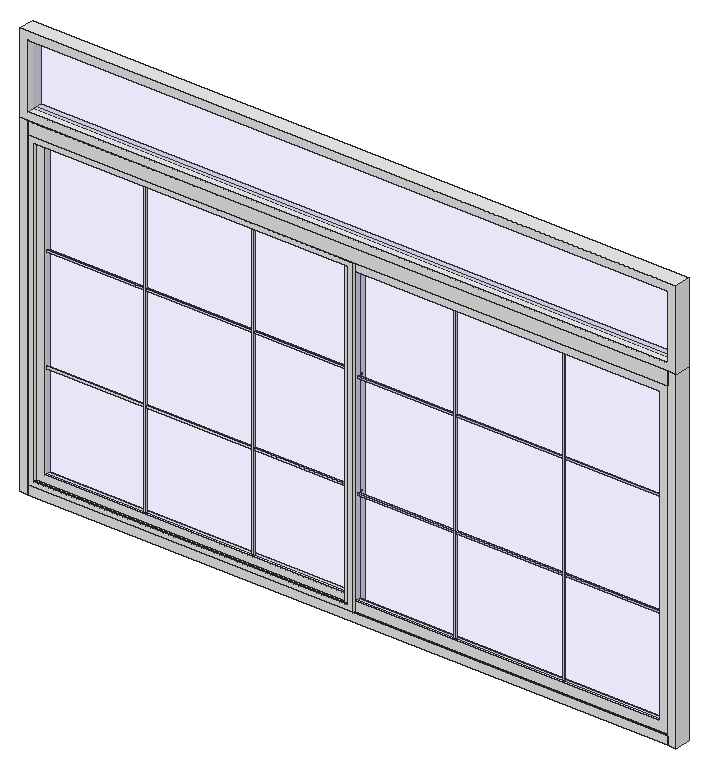
Revit family "Door_Curtain_Wall-Sliding_With_Transom-Traco-TR-8300", category Curtain Panels, Revit 2015
Parameters (values of type "TR-8300-W/Transom")
  Water Resistance = 12.0000 psf
  Uniform Load Structural = 75.0000 psf
  Uniform Load Deflection = 50.0000 psf
  Transom Panel Width [instance] = Door Width - 0' 3 1/2"  # 15' - 4 1/2"
  Transom Panel Height [instance] = Transom Height - 0' 1 3/8" + 0' 0 1/4"  # 1' - 10 7/8"
  Transom Height [instance] = 2' - 0"
  Sill Type = Door_Frame-Sliding-(TR-8300) : 12 PSF Sill
  Screen Type = Screen-Exterior-Traco-Half : Heavy Duty Screen
  Product data url = "https://bimobject.com/kawneerna/product/83005"
  Product Page URL = "http://www.alcoa.com/traco/en/product.asp?cat_id=1911&prod_id=4257"
  Product Documentation Link = "http://www.alcoa.com/traco/en/cad_spec.asp?cat_id=1911&prod_id=4257&area=prod"
  Panel Width [instance] = (Door Width / 2) - 0' 1"  # 7' - 9"
  Panel Material [instance] = Aluminum - Traco - Anodized - Gray
  Panel Height [instance] = Door Height - 0' 6 1/8"  # 7' - 5 7/8"
  Muntin Type = Muntin-Grid-Traco-Lites : Interior
  Has Screen [instance] = yes
  Has Muntins [instance] = yes
  Glass Material [instance] = Glass - Traco - Clear
  Frame Material [instance] = Aluminum - Traco - Anodized - Gray
  Door Width [instance] = if(CTRL Opening Width < Door Width Minimum, Door Width Minimum, if(CTRL Opening Width > Door Width Maximum, Door Width Maximum, CTRL Opening Width))  # 15' - 8"
  Door Height [instance] = if((CTRL Opening Height - Transom Height) < Door Height Minimum, Door Height Minimum, if((CTRL Opening Height - Transom Height) > Door Height Maximum, Door Height Maximum, (CTRL Opening Height - Transom Height)))  # 8' - 0"
  Copyright © = "2011 Traco"  # constant formula
  CTRL Opening Width [instance] = 15' - 8"
  URL = "http://www.alcoa.com/traco/en/home.asp"
  U Factor = ".43*"
  Type Comments = "2 Panel With Transom"
  Test Size = "187\" X 96\""
  Show Symbolic Arrow [instance] = yes
  Screen Offset = 0' - 3 15/16"  # constant formula
  Right Panel Inset = 0' - 1 9/16"  # constant formula
  Model = "TR-8300 With Transom"
  Manufacturer = "Traco"  # constant formula
  Left Panel Inset = 0' - 3 1/8"  # constant formula
  CTRL Opening Height [instance] = 10' - 0"
  Forced Entry Resistance = "TYPE B: GRADE 10"
  Door Width Minimum [instance] = 6' - 0"
  Door Width Maximum [instance] = 16' - 0"
  Door Height Minimum [instance] = 6' - 0"
  Door Height Maximum [instance] = 10' - 0"
  Designation = "AAMA/WDMA/CSA 101/I.S.2/A-440-05: HS-C50 And AAMA/WDMA/CSA 101/I.S.2/A-440-08"
  Description = "TR-8300 - Thermal Aluminum Heavy Commercial Sliding Glass Door"
  Condensation Resistance = ""
  CTRL Symbolic Arrow Placement Height [instance] = (Panel Height / 2) + 0' 1 1/2"  # 3' - 10 7/16"
  CTRL Symbolic Arrow Inset [instance] = (Panel Width / 2) - 0' 5 3/8"  # 3' - 5 1/8"
  Assembly Code = "B2020220"
  Allowable Air Infiltration Maximum = "0.3 @ 6.2 PSF"
Reference planes (in)
  plane 1 "Front": y = 0
  plane 2 "Bottom": z = 0
  plane 3 "Center (Left/Right)": x = 2.5
  plane 4 "Left": x = -91.5
  plane 5 "Right": x = 96.5
  plane 6 "Top": z = 120
  plane 7 "Right Panel Center F_B": y = 1.5625
  plane 8 "Bottom Inset": z = 2.375
  plane 9 "Frame Top": z = 96
  plane 10 "Screen Back": y = 0.6875
  plane 11 "Back": y = 4.625
  plane 12 "Left Panel Center F_B": y = 3.125
  plane 13 "Left Panel Right": x = 3.875
  plane 14 "Right Panel Left": x = 1.125
  plane 15 "Panel Top": z = 92.25
Text (in)
  text "Exterior" at (118.32953, -36.65616, 0), in view "Ref. Level"
  text "Exterior" at (480, 41.53993, 89.60405), in view "Right"
  text "Exterior" at (-240, 57.82419, 105.78864), in view "Left"
Dimensions and locks (in)
  equal spacing: plane 4 "Left", plane 3 "Center (Left/Right)", plane 5 "Right"
  "CTRL Opening Width": plane 4 "Left" to plane 5 "Right"
  "CTRL Opening Height": plane 6 "Top" to plane 2 "Bottom"
  locked: plane 1 "Front" to plane 11 "Back" at 4.625
  locked: plane 8 "Bottom Inset" to plane 2 "Bottom" at 2.375
  "Left Panel Inset": plane 1 "Front" to plane 12 "Left Panel Center F_B"
  locked: plane 3 "Center (Left/Right)" to plane 13 "Left Panel Right" at 1.375
  locked: plane 14 "Right Panel Left" to plane 3 "Center (Left/Right)" at 1.375
  "Right Panel Inset": plane 1 "Front" to plane 7 "Right Panel Center F_B"
  locked: plane 9 "Frame Top" to plane 15 "Panel Top" at 3.75
  "Panel Height": plane 15 "Panel Top" to plane 8 "Bottom Inset"
  "Screen Offset": plane 11 "Back" to plane 10 "Screen Back"
  aligned and locked: level to plane 2 "Bottom"
  aligned: nested 2 to nested 4
  aligned: nested 2 to nested 3  (x2)
  aligned: plane 8 "Bottom Inset" to nested 3
  aligned: plane 8 "Bottom Inset" to nested 5
  aligned: plane 8 "Bottom Inset" to nested 10
  aligned and locked: nested 2 to nested 12
  aligned and locked: nested 3 to plane 7 "Right Panel Center F_B"
  aligned and locked: plane 2 "Bottom" to nested 1
  aligned and locked: plane 3 "Center (Left/Right)" to nested 1
  aligned and locked: plane 3 "Center (Left/Right)" to nested 4
  aligned and locked: plane 9 "Frame Top" to nested 4
  aligned and locked: plane 8 "Bottom Inset" to nested 2
  aligned and locked: nested 2 to plane 13 "Left Panel Right"
  aligned and locked: nested 3 to plane 8 "Bottom Inset"
  aligned: plane 14 "Right Panel Left" to nested 3
  aligned and locked: plane 8 "Bottom Inset" to nested 5
  aligned and locked: plane 1 "Front" to nested 1
  aligned and locked: nested 3 to plane 13 "Left Panel Right"
  aligned and locked: plane 14 "Right Panel Left" to nested 3
  aligned and locked: plane 14 "Right Panel Left" to nested 5
  aligned and locked: plane 8 "Bottom Inset" to nested 10
  aligned and locked: plane 13 "Left Panel Right" to nested 10
  aligned and locked: nested 4 to plane 1 "Front"
  aligned and locked: nested 4 to plane 11 "Back"
  aligned and locked: nested 15 to plane 8 "Bottom Inset"
  aligned and locked: nested 15 to plane 13 "Left Panel Right"
  aligned and locked: plane 2 "Bottom" to nested 16
  aligned and locked: nested 16 to plane 4 "Left"
Nested families (in)
  nested 1: "Door_Frame-Sliding-(TR-8300)" at (2.5, 2.3125, 0), Door Width <- "Door Width", Door Height <- "Door Height", type <- "Sill Type", type "12 PSF Sill"
    with Door Width 15' - 8", Door Height 8' - 0", Bottom Frame Thickness 0' - 2 3/8", Top Frame Thickness 0' - 3 3/4"
  nested 2: "Door-Glass_Panel-Traco" at (-32.125, 4.1875, 2.375), Width <- "Panel Width", Height <- "Panel Height", Glass Material <- "Glass Material", Panel Material <- "Panel Material", type "Door-Glass_Panel-Traco"
    with built-in parameter 1001301 7' - 9", built-in parameter 1001302 0' - 1 3/4", Slide Indicator yes, Panel Offset 0' - 4 1/4", Panel Material Aluminum - Traco - Anodized - Gray, Panel Finish none, built-in parameter 1001300 7' - 5 7/8", Glazing "Low E-Argon", Glass Material Glass - Traco - Clear
  nested 3: "Door-Glass_Panel-Traco" at (37.125, 2.4375, 2.375) x (-1, 0, 0) z (0, 0, 1), Width <- "Panel Width", Height <- "Panel Height", Panel Material <- "Panel Material", Glass Material <- "Glass Material", type "Door-Glass_Panel-Traco"
    with built-in parameter 1001301 7' - 9", built-in parameter 1001302 0' - 1 3/4", Slide Indicator yes, Panel Offset 0' - 4 1/4", Panel Material Aluminum - Traco - Anodized - Gray, Panel Finish none, built-in parameter 1001300 7' - 5 7/8", Glazing "Low E-Argon", Glass Material Glass - Traco - Clear
  nested 4: "Door-Glass_Panel-Traco-Transom" at (2.5, 4.625, 96), Width <- "Door Width", Height <- "Transom Panel Height", Panel Material <- "Panel Material", Glass Material <- "Glass Material", type "T"
    with built-in parameter 1001301 15' - 8", built-in parameter 1001302 0' - 4 5/8", Panel Offset 0' - 4 1/4", Panel Material Aluminum - Traco - Anodized - Gray, Panel Finish none, built-in parameter 1001300 1' - 10 7/8", Glazing "Low E-Argon", Glass Material Glass - Traco - Clear
  nested 5: "Muntin-Grid-Traco-Lites" at (47.625, 1.5625, 47.3125) x (-1, 0, 0) z (0, -1, 0), type <- "Muntin Type", Sash Height <- "Panel Height", Length <- "Panel Width", visible <- "Has Muntins", type "Interior"
    with Sash Height 7' - 5 7/8", Material Aluminum - Traco - Anodized - Gray, Length 7' - 9", Glazing Thickness 0' - 0 7/8", CTRL Muntin Vertical Distance 2' - 5.95833", CTRL Muntin Horizontal Distance 2' - 7", CTRL Face Offset 0' - 0 1/4", CTRL Bar Vertical Visibility no, CTRL Bar Horizontal Visibility no, CTRL Array Vertical Visibility yes, CTRL Array Horizontal Visibility yes, Has Interior Muntins yes, Has Exterior Muntins no
  nested 6: "Muntin-Trapezoid-Traco-Single" at (32.125, 1.75, 47.3125) x (0, 0, -1) z (0, -1, 0), type "Standard Colonial"
    with Material Aluminum - Traco - Anodized - Gray, Length 7' - 5 7/8", Width Top 0' - 0 9/16", Width Base 0' - 0 9/16", Height 0' - 0 5/16"
  nested 7: "Muntin-Trapezoid-Traco-Single" at (47.625, 1.75, 62.29167) x (1, 0, 0) z (0, -1, 0), type "Standard Colonial"
    with Material Aluminum - Traco - Anodized - Gray, Length 7' - 9", Width Top 0' - 0 9/16", Width Base 0' - 0 9/16", Height 0' - 0 5/16"
  nested 8: "Muntin-Trapezoid-Traco-Single" at (63.125, 1.75, 47.3125) x (0, 0, -1) z (0, -1, 0), type "Standard Colonial"
    with Material Aluminum - Traco - Anodized - Gray, Length 7' - 5 7/8", Width Top 0' - 0 9/16", Width Base 0' - 0 9/16", Height 0' - 0 5/16"
  nested 9: "Muntin-Trapezoid-Traco-Single" at (47.625, 1.75, 32.33333) x (1, 0, 0) z (0, -1, 0), type "Standard Colonial"
    with Material Aluminum - Traco - Anodized - Gray, Length 7' - 9", Width Top 0' - 0 9/16", Width Base 0' - 0 9/16", Height 0' - 0 5/16"
  nested 10: "Muntin-Grid-Traco-Lites" at (-42.625, 3.125, 47.3125) x (-1, 0, 0) z (0, -1, 0), type <- "Muntin Type", Sash Height <- "Panel Height", Length <- "Panel Width", visible <- "Has Muntins", type "Interior"
    with Sash Height 7' - 5 7/8", Material Aluminum - Traco - Anodized - Gray, Length 7' - 9", Glazing Thickness 0' - 0 7/8", CTRL Muntin Vertical Distance 2' - 5.95833", CTRL Muntin Horizontal Distance 2' - 7", CTRL Face Offset 0' - 0 1/4", CTRL Bar Vertical Visibility no, CTRL Bar Horizontal Visibility no, CTRL Array Vertical Visibility yes, CTRL Array Horizontal Visibility yes, Has Interior Muntins yes, Has Exterior Muntins no
  nested 11: "Muntin-Trapezoid-Traco-Single" at (-58.125, 3.3125, 47.3125) x (0, 0, -1) z (0, -1, 0), type "Standard Colonial"
    with Material Aluminum - Traco - Anodized - Gray, Length 7' - 5 7/8", Width Top 0' - 0 9/16", Width Base 0' - 0 9/16", Height 0' - 0 5/16"
  nested 12: "Muntin-Trapezoid-Traco-Single" at (-42.625, 3.3125, 62.29167) x (1, 0, 0) z (0, -1, 0), type "Standard Colonial"
    with Material Aluminum - Traco - Anodized - Gray, Length 7' - 9", Width Top 0' - 0 9/16", Width Base 0' - 0 9/16", Height 0' - 0 5/16"
  nested 13: "Muntin-Trapezoid-Traco-Single" at (-27.125, 3.3125, 47.3125) x (0, 0, -1) z (0, -1, 0), type "Standard Colonial"
    with Material Aluminum - Traco - Anodized - Gray, Length 7' - 5 7/8", Width Top 0' - 0 9/16", Width Base 0' - 0 9/16", Height 0' - 0 5/16"
  nested 14: "Muntin-Trapezoid-Traco-Single" at (-42.625, 3.3125, 32.33333) x (1, 0, 0) z (0, -1, 0), type "Standard Colonial"
    with Material Aluminum - Traco - Anodized - Gray, Length 7' - 9", Width Top 0' - 0 9/16", Width Base 0' - 0 9/16", Height 0' - 0 5/16"
  nested 15: "Screen-Exterior-Traco-Half" at (-41.625, 0.6875, 47.3125) x (1, 0, 0) z (0, -1, 0), Width <- "Panel Width", Height <- "Panel Height", type <- "Screen Type", visible <- "Has Screen", type "Heavy Duty Screen"
    with Width 7' - 9", Screen Offset 0' - 0", Height 7' - 5 7/8", CTRL Width 7' - 9", CTRL Height 7' - 5 7/8", Frame Thickness 0' - 0 11/16"
  nested 16: "Symbolic_Opening_Arrow-Traco" at (-72.5, 0, 42) x (1, 0, 0) z (0, -1, 0), visible <- "Show Symbolic Arrow", Placement Height <- "CTRL Symbolic Arrow Placement Height", Inset <- "CTRL Symbolic Arrow Inset", type "Typical"
    with Placement Height 3' - 10 7/16", Inset 3' - 5 1/8"
Definition of nested family "Door_Frame-Sliding-(TR-8300)"
  Parameters
    Top Frame Thickness = 0' - 4 3/8"
    Frame Thickness = 0' - 2 3/8"
    Frame Material = none
    Frame Depth = 0' - 4 5/8"
    Door Width [instance] = 6' - 0"
    Door Height [instance] = 7' - 0"
    Bottom Frame Thickness [instance] = 0' - 1 1/2"
    Assembly Code = ""
  Reference planes (in)
    plane 1 "Center (Front/Back)": y = 0
    plane 2 "Bottom": z = 0
    plane 3 "Center (Left/Right)": x = 0
    plane 4 "Interior": y = 2.3125
    plane 5 "Exterior": y = -2.3125
    plane 6 "Left": x = -36
    plane 7 "Right": x = 36
    plane 8 "Top of Frame": z = 84
    plane 9 "Inside Frame Left Side": x = -33.625
    plane 10 "Inside Frame Right Side": x = 33.625
    plane 11 "Top Inset": z = 79.625
    plane 12 "Bottom Inset": z = 1.5
  Forms (in)
    Extrusion 1, solid, material <- "Frame Material"
      sketch origin (0, 0, 0) x (1, 0, 0) y (0, 0, 1)
        loop
          line (-36, 84) -> (-36, 0) -> (-33.625, 0) -> (-33.625, 84) -> (-36, 84)
        loop
          line (33.625, 84) -> (33.625, 0) -> (36, 0) -> (36, 84) -> (33.625, 84)
      from -2.3125 to 2.3125
    Extrusion 2, solid, material <- "Frame Material"
      sketch origin (0, 0, 0) x (1, 0, 0) y (0, 0, 1)
        loop
          line (-33.625, 84) -> (-33.625, 79.625) -> (33.625, 79.625) -> (33.625, 84) -> (-33.625, 84)
        loop
          line (-33.625, 1.5) -> (-33.625, 0) -> (33.625, 0) -> (33.625, 1.5) -> (-33.625, 1.5)
      from -2.3125 to 2.3125
  Lines and regions (in)
    Masking region 1
      outline origin (0, 0, 84) x (-1, 0, 0) y (0, -1, 0)
        loop
          line (36, 2.3125) -> (-36, 2.3125) -> (-36, -2.3125) -> (36, -2.3125) -> (36, 2.3125)
    Masking region 2
      outline origin (0, 0, 0) x (0, 1, 0) y (0, 0, 1)
        loop
          line (-2.3125, 0) -> (2.3125, 0) -> (2.3125, 84) -> (-2.3125, 84) -> (-2.3125, 0)
    Masking region 3
      outline origin (0, 0, 0) x (1, 0, 0) y (0, 0, 1)
        loop
          line (-36, 0) -> (36, 0) -> (36, 84) -> (-36, 84) -> (-36, 0)
        loop
          line (-33.625, 1.5) -> (33.625, 1.5) -> (33.625, 79.625) -> (-33.625, 79.625) -> (-33.625, 1.5)
    symbolic lines, detail levels medium+fine
      curve 1: line (-33.625, -2.3125, 84) -> (-33.625, 2.3125, 84)
      curve 2: line (33.625, -2.3125, 84) -> (33.625, 2.3125, 84)
      curve 3: line (-33.625, 0, 0) -> (-33.625, 0, 1.5)
      curve 4: line (33.625, 0, 0) -> (33.625, 0, 1.5)
      curve 5: line (-33.625, 0, 79.625) -> (-33.625, 0, 84)
      curve 6: line (33.625, 0, 79.625) -> (33.625, 0, 84)
  Dimensions and locks (in)
    equal spacing: plane 4 "Interior", plane 1 "Center (Front/Back)", plane 5 "Exterior"
    "Frame Depth": plane 4 "Interior" to plane 5 "Exterior"
    "Door Height": plane 8 "Top of Frame" to plane 2 "Bottom"
    equal spacing: plane 6 "Left", plane 3 "Center (Left/Right)", plane 7 "Right"
    "Top Frame Thickness": plane 8 "Top of Frame" to plane 11 "Top Inset"
    "Frame Thickness": plane 7 "Right" to plane 10 "Inside Frame Right Side"
    "Frame Thickness": plane 6 "Left" to plane 9 "Inside Frame Left Side"
    "Bottom Frame Thickness": plane 12 "Bottom Inset" to plane 2 "Bottom"
    "Door Width": plane 6 "Left" to plane 7 "Right"
    aligned and locked: level to plane 2 "Bottom"
    aligned and locked: Extrusion 1 sketch curve to plane 6 "Left"
    aligned and locked: level to Extrusion 1 sketch curve
    aligned and locked: plane 9 "Inside Frame Left Side" to Extrusion 1 sketch curve
    aligned and locked: Extrusion 1 sketch curve to plane 10 "Inside Frame Right Side"
    aligned and locked: Extrusion 1 sketch curve to plane 7 "Right"
    aligned and locked: plane 4 "Interior" to Extrusion 1
    aligned and locked: plane 5 "Exterior" to Extrusion 1
    aligned and locked: plane 2 "Bottom" to Extrusion 1 sketch curve
    aligned and locked: Extrusion 1 to Extrusion 2 sketch curve  (x2)
    aligned and locked: plane 11 "Top Inset" to Extrusion 2 sketch curve
    aligned and locked: plane 10 "Inside Frame Right Side" to Extrusion 2 sketch curve
    aligned and locked: Extrusion 2 sketch curve to plane 12 "Bottom Inset"
    aligned and locked: Extrusion 2 sketch curve to plane 9 "Inside Frame Left Side"
    aligned and locked: Extrusion 2 sketch curve to Extrusion 1
    aligned and locked: plane 4 "Interior" to Extrusion 2
    aligned and locked: plane 5 "Exterior" to Extrusion 2
    aligned and locked: Extrusion 2 sketch curve to plane 8 "Top of Frame"
    aligned and locked: Extrusion 1 sketch curve to plane 8 "Top of Frame"  (x2)
    aligned and locked: plane 6 "Left" to Masking region 1 sketch curve
    aligned and locked: plane 5 "Exterior" to Masking region 1 sketch curve
    aligned and locked: plane 4 "Interior" to Masking region 1 sketch curve
    aligned and locked: plane 7 "Right" to Masking region 1 sketch curve
    aligned and locked: curve 1 to plane 9 "Inside Frame Left Side"
    aligned and locked: curve 2 to plane 10 "Inside Frame Right Side"
    aligned and locked: plane 5 "Exterior" to Masking region 2 sketch curve
    aligned and locked: plane 8 "Top of Frame" to Masking region 2 sketch curve
    aligned and locked: plane 4 "Interior" to Masking region 2 sketch curve
    aligned and locked: Masking region 2 sketch curve to plane 2 "Bottom"
    aligned and locked: plane 6 "Left" to Masking region 3 sketch curve
    aligned and locked: Masking region 3 sketch curve to plane 2 "Bottom"
    aligned and locked: plane 7 "Right" to Masking region 3 sketch curve
    aligned and locked: plane 8 "Top of Frame" to Masking region 3 sketch curve
    aligned and locked: plane 11 "Top Inset" to Masking region 3 sketch curve
    aligned and locked: plane 9 "Inside Frame Left Side" to Masking region 3 sketch curve
    aligned and locked: Masking region 3 sketch curve to plane 12 "Bottom Inset"
    aligned and locked: Masking region 3 sketch curve to plane 10 "Inside Frame Right Side"
    aligned and locked: curve 5 to plane 9 "Inside Frame Left Side"
    aligned and locked: curve 6 to plane 10 "Inside Frame Right Side"
    aligned and locked: curve 3 to plane 9 "Inside Frame Left Side"
    aligned and locked: curve 4 to plane 10 "Inside Frame Right Side"
  Automatic sketch dimensions
    curve 5 to plane 8 "Top of Frame" = 0' - 0"
    curve 4 to level = 0' - 0"
    curve 3 to level = 0' - 0"
    curve 4 to plane 12 "Bottom Inset" = 0' - 0"
    curve 3 to plane 12 "Bottom Inset" = 0' - 0"
    curve 6 to plane 11 "Top Inset" = 0' - 0"
    curve 5 to plane 11 "Top Inset" = 0' - 0"
    curve 6 to plane 8 "Top of Frame" = 0' - 0"
    curve 1 to plane 4 "Interior" = 0' - 0"
    curve 2 to plane 4 "Interior" = 0' - 0"
    plane 5 "Exterior" to curve 2 = 0' - 0"
    plane 5 "Exterior" to curve 1 = 0' - 0"
Definition of nested family "Door-Glass_Panel-Traco"
  Parameters
    Width [instance] = 3' - 0"
    Visible Light Transmission = 0
    URL = "www.integratedcontentsolutions.com"
    U Value = 0
    Type Comments = "Panel theory and model developed by Integrated Content Solutions"  # constant formula
    Thickness [instance] = 0' - 1 1/2"
    Stile Right = 0' - 2 3/4"
    Stile Left = 0' - 2 3/4"
    Solar Heat Gain Coefficient = 0
    Slide Indicator [instance] = yes
    Rail Head = 0' - 2 9/16"
    Rail Bottom = 0' - 2 9/16"
    R Value = 0
    Product Documentation Link = "www.integratedcontentsolutions.com"
    Panel Offset [instance] = 0' - 4 1/4"
    Panel Material [instance] = none
    Panel Finish [instance] = none
    Manufacturer = "Integrated Content Solutions"  # constant formula
    LEED Credit = ""
    Height [instance] = 7' - 0"
    Glazing [instance] = "Low E-Argon"
    Glass Material [instance] = none
    Function = 1
    Energy Star Zone = ""
    Copyright © = "Integrated Content Solutions © 2009"  # constant formula
    Assembly Code = "C1020110"
    Appear In Schedule = 0 = 1  # no
    Air Leakage = 0
  Reference planes (in)
    plane 1 "Exterior": y = 0
    plane 2 "Bottom": z = 0
    plane 3 "Left": x = 0
    plane 4 "Interior": y = -1.5
    plane 5 "Right": x = 36
    plane 6 "Top": z = 84
    plane 7 "Panel Center of Thickness": y = -0.75
    plane 8 "Glass Interior": y = -1.1875
    plane 9 "Glass Exterior": y = -0.3125
    plane 10 "Left Inset": x = 2.75
    plane 11 "Right Inset": x = 33.25
    plane 12 "Top Inset": z = 81.4375
    plane 13 "Bottom Inset": z = 2.5625
    plane 14 "Center L_R": x = 18
  Forms (in)
    Extrusion 1, solid, material <- "Panel Material"
      sketch origin (0, 0, 0) x (1, 0, 0) y (0, 0, 1)
        loop
          line (0, 84) -> (0, 0) -> (36, 0) -> (36, 84) -> (0, 84)
        loop
          line (2.75, 81.4375) -> (2.75, 2.5625) -> (33.25, 2.5625) -> (33.25, 81.4375) -> (2.75, 81.4375)
      from 0 to 1.5
    Extrusion 2, solid, material <- "Glass Material"
      sketch origin (0, -1.5, 0) x (1, 0, 0) y (0, 0, 1)
        loop
          line (2.75, 81.4375) -> (2.75, 2.5625) -> (33.25, 2.5625) -> (33.25, 81.4375) -> (2.75, 81.4375)
      from -1.1875 to -0.3125
  Lines and regions (in)
    Masking region 1
      outline origin (0, 0, 84) x (-1, 0, 0) y (0, -1, 0)
        loop
          line (0, 1.5) -> (-36, 1.5) -> (-36, 0) -> (0, 0) -> (0, 1.5)
    Masking region 2
      outline origin (0, -0.75, 0) x (-1, 0, 0) y (0, 0, 1)
        loop
          line (0, 0) -> (0, 84) -> (-36, 84) -> (-36, 0) -> (0, 0)
        loop
          line (-2.75, 2.5625) -> (-2.75, 81.4375) -> (-33.25, 81.4375) -> (-33.25, 2.5625) -> (-2.75, 2.5625)
    Masking region 3
      outline origin (18, 0, 0) x (0, 1, 0) y (0, 0, 1)
        loop
          line (-1.5, 0) -> (0, 0) -> (0, 84) -> (-1.5, 84) -> (-1.5, 0)
  Dimensions and locks (in)
    "Width": plane 3 "Left" to plane 5 "Right"
    "Thickness": plane 4 "Interior" to plane 1 "Exterior"
    "Height": plane 6 "Top" to plane 2 "Bottom"
    equal spacing: plane 4 "Interior", plane 7 "Panel Center of Thickness", plane 1 "Exterior"
    "Stile Left": plane 10 "Left Inset" to plane 3 "Left"
    "Stile Right": plane 5 "Right" to plane 11 "Right Inset"
    "Rail Bottom": plane 13 "Bottom Inset" to plane 2 "Bottom"
    "Rail Head": plane 6 "Top" to plane 12 "Top Inset"
    locked: plane 9 "Glass Exterior" to plane 8 "Glass Interior" at 0.875
    equal spacing: plane 3 "Left", plane 14 "Center L_R", plane 5 "Right"
    aligned and locked: plane 3 "Left" to Extrusion 1 sketch curve
    aligned and locked: Extrusion 1 sketch curve to plane 6 "Top"
    aligned and locked: level to Extrusion 1 sketch curve
    aligned and locked: Extrusion 1 sketch curve to plane 5 "Right"
    aligned and locked: Extrusion 1 to plane 1 "Exterior"
    aligned and locked: plane 4 "Interior" to Extrusion 1
    aligned and locked: level to plane 2 "Bottom"
    aligned and locked: plane 10 "Left Inset" to Extrusion 1 sketch curve
    aligned and locked: Extrusion 1 sketch curve to plane 12 "Top Inset"
    aligned and locked: plane 13 "Bottom Inset" to Extrusion 1 sketch curve
    aligned and locked: Extrusion 1 sketch curve to plane 11 "Right Inset"
    aligned and locked: plane 10 "Left Inset" to Extrusion 2 sketch curve
    aligned and locked: Extrusion 2 sketch curve to plane 12 "Top Inset"
    aligned and locked: plane 13 "Bottom Inset" to Extrusion 2 sketch curve
    aligned and locked: Extrusion 2 sketch curve to plane 11 "Right Inset"
    aligned and locked: plane 9 "Glass Exterior" to Extrusion 2
    aligned and locked: Extrusion 2 to plane 8 "Glass Interior"
    aligned and locked: Masking region 1 sketch curve to plane 1 "Exterior"
    aligned and locked: plane 5 "Right" to Masking region 1 sketch curve
    aligned and locked: plane 4 "Interior" to Masking region 1 sketch curve
    aligned and locked: Masking region 1 sketch curve to plane 3 "Left"
    aligned and locked: plane 6 "Top" to Masking region 2 sketch curve
    aligned and locked: Masking region 2 sketch curve to plane 3 "Left"
    aligned and locked: plane 5 "Right" to Masking region 2 sketch curve
    aligned and locked: Masking region 2 sketch curve to plane 2 "Bottom"
    aligned and locked: plane 12 "Top Inset" to Masking region 2 sketch curve
    aligned and locked: Masking region 2 sketch curve to plane 10 "Left Inset"
    aligned and locked: plane 11 "Right Inset" to Masking region 2 sketch curve
    aligned and locked: Masking region 2 sketch curve to plane 13 "Bottom Inset"
    aligned and locked: plane 6 "Top" to Masking region 3 sketch curve
    aligned and locked: plane 4 "Interior" to Masking region 3 sketch curve
    aligned and locked: Masking region 3 sketch curve to plane 1 "Exterior"
    aligned and locked: plane 2 "Bottom" to Masking region 3 sketch curve
Definition of nested family "Door-Glass_Panel-Traco-Transom"
  Parameters
    Width [instance] = 6' - 0"
    Visible Light Transmission = 0
    URL = "www.integratedcontentsolutions.com"
    U Value = 0
    Type Comments = "Panel theory and model developed by Integrated Content Solutions"  # constant formula
    Thickness [instance] = 0' - 3 5/8"
    Solar Heat Gain Coefficient = 0
    R Value = 0
    Product Documentation Link = "www.integratedcontentsolutions.com"
    Panel Offset [instance] = 0' - 4 1/4"
    Panel Material [instance] = none
    Panel Finish [instance] = none
    Manufacturer = "Integrated Content Solutions"  # constant formula
    LEED Credit = ""
    Height [instance] = 2' - 0"
    Glazing [instance] = "Low E-Argon"
    Glass Material [instance] = none
    Function = 1
    Energy Star Zone = ""
    Copyright © = "Integrated Content Solutions © 2009"  # constant formula
    Assembly Code = "C1020110"
    Appear In Schedule = 0 = 1  # no
    Air Leakage = 0
  Reference planes (in)
    plane 1 "Exterior": y = 0
    plane 2 "Bottom": z = 0
    plane 3 "Left": x = -36
    plane 4 "Interior": y = -3.625
    plane 5 "Right": x = 36
    plane 6 "Top": z = 24
    plane 7 "Panel Center of Thickness": y = -1.8125
    plane 8 "Glass Interior": y = -2.3125
    plane 9 "Glass Exterior": y = -1.3125
    plane 10 "Center L_R": x = 0
    plane 11 "Left Inset": x = -33.75
    plane 12 "Right Inset": x = 33.75
    plane 13 "Bottom Inset": z = 2.25
    plane 14 "Top Inset": z = 21.75
  Forms (in)
    Extrusion 1, solid, material <- "Panel Material"
      sketch origin (0, 0, 0) x (1, 0, 0) y (0, 0, 1)
        loop
          line (-36, 24) -> (-36, 0) -> (36, 0) -> (36, 24) -> (-36, 24)
        loop
          line (-33.75, 21.75) -> (-33.75, 2.25) -> (33.75, 2.25) -> (33.75, 21.75) -> (-33.75, 21.75)
      from 0 to 3.625
    Extrusion 2, solid, material <- "Glass Material"
      sketch origin (0, -3.625, 0) x (1, 0, 0) y (0, 0, 1)
        loop
          line (-33.75, 21.75) -> (-33.75, 2.25) -> (33.75, 2.25) -> (33.75, 21.75) -> (-33.75, 21.75)
      from -2.3125 to -1.3125
  Lines and regions (in)
    Masking region 1
      outline origin (0, 0, 24) x (-1, 0, 0) y (0, -1, 0)
        loop
          line (36, 3.625) -> (-36, 3.625) -> (-36, 0) -> (36, 0) -> (36, 3.625)
    Masking region 2
      outline origin (0, 0, 0) x (0, 0, 1) y (0, -1, 0)
        loop
          line (0, 3.625) -> (0, 0) -> (24, 0) -> (24, 3.625) -> (0, 3.625)
    Masking region 3
      outline origin (0, -1.8125, 0) x (-1, 0, 0) y (0, 0, 1)
        loop
          line (36, 0) -> (36, 24) -> (-36, 24) -> (-36, 0) -> (36, 0)
        loop
          line (33.75, 2.25) -> (33.75, 21.75) -> (-33.75, 21.75) -> (-33.75, 2.25) -> (33.75, 2.25)
    symbolic lines, detail levels medium+fine
      curve 1: line (-33.75, -3.625, 0) -> (-33.75, 0, 0)
      curve 2: line (33.75, -3.625, 0) -> (33.75, 0, 0)
  Dimensions and locks (in)
    "Width": plane 3 "Left" to plane 5 "Right"
    "Thickness": plane 4 "Interior" to plane 1 "Exterior"
    "Height": plane 6 "Top" to plane 2 "Bottom"
    "Width": plane 3 "Left" to Extrusion 1
    equal spacing: plane 5 "Right", plane 10 "Center L_R", plane 3 "Left"
    locked: Extrusion 1 sketch curve to Extrusion 1 sketch curve at 2.25  (x3)
    equal spacing: plane 9 "Glass Exterior", plane 7 "Panel Center of Thickness", plane 8 "Glass Interior"
    locked: plane 9 "Glass Exterior" to plane 8 "Glass Interior" at 1
    equal spacing: plane 4 "Interior", plane 7 "Panel Center of Thickness", plane 1 "Exterior"
    locked: plane 3 "Left" to plane 11 "Left Inset" at 2.25
    locked: plane 12 "Right Inset" to plane 5 "Right" at 2.25
    locked: plane 6 "Top" to plane 14 "Top Inset" at 2.25
    locked: plane 13 "Bottom Inset" to plane 2 "Bottom" at 2.25
    aligned and locked: plane 3 "Left" to Extrusion 1 sketch curve
    aligned: Extrusion 1 to plane 1 "Exterior"
    aligned: plane 4 "Interior" to Extrusion 1
    aligned and locked: level to plane 2 "Bottom"
    aligned and locked: plane 9 "Glass Exterior" to Extrusion 2
    aligned and locked: Extrusion 2 to plane 8 "Glass Interior"
    aligned: plane 6 "Top" to Extrusion 2
    aligned and locked: plane 4 "Interior" to Extrusion 1
    aligned and locked: Extrusion 1 to plane 1 "Exterior"
    aligned and locked: Masking region 1 sketch curve to plane 3 "Left"
    aligned and locked: plane 5 "Right" to Masking region 1 sketch curve
    aligned and locked: plane 4 "Interior" to Masking region 1 sketch curve
    aligned and locked: Masking region 1 sketch curve to plane 1 "Exterior"
    aligned and locked: plane 6 "Top" to Masking region 2 sketch curve
    aligned and locked: Masking region 2 sketch curve to plane 1 "Exterior"
    aligned and locked: plane 4 "Interior" to Masking region 2 sketch curve
    aligned and locked: Masking region 2 sketch curve to plane 2 "Bottom"
    aligned and locked: plane 6 "Top" to Masking region 3 sketch curve
    aligned and locked: plane 5 "Right" to Masking region 3 sketch curve
    aligned and locked: Masking region 3 sketch curve to plane 2 "Bottom"
    aligned and locked: Masking region 3 sketch curve to plane 3 "Left"
    aligned and locked: Masking region 3 sketch curve to plane 14 "Top Inset"
    aligned and locked: plane 12 "Right Inset" to Masking region 3 sketch curve
    aligned and locked: plane 13 "Bottom Inset" to Masking region 3 sketch curve
    aligned and locked: Masking region 3 sketch curve to plane 11 "Left Inset"
  Automatic sketch dimensions
    Extrusion 1 sketch curve to plane 5 "Right" = 0' - 0"
    Extrusion 1 sketch curve to level = 0' - 0"
    Extrusion 1 sketch curve to plane 6 "Top" = 0' - 0"
    plane 3 "Left" to Extrusion 2 sketch curve = 0' - 2 1/4"
    Extrusion 2 sketch curve to plane 5 "Right" = 0' - 2 1/4"
    level to Extrusion 2 sketch curve = 0' - 2 1/4"
    Extrusion 2 sketch curve to plane 6 "Top" = 0' - 2 1/4"
    Extrusion 1 sketch curve to plane 6 "Top" = 0' - 2 1/4"
    plane 1 "Exterior" to curve 1 = 0' - 0"
    plane 4 "Interior" to curve 1 = 0' - 0"
    plane 1 "Exterior" to curve 2 = 0' - 0"
    plane 4 "Interior" to curve 2 = 0' - 0"
    plane 3 "Left" to curve 1 = 0' - 2 1/4"
    curve 2 to plane 5 "Right" = 0' - 2 1/4"
Definition of nested family "Muntin-Trapezoid-Traco-Single"
  Parameters
    Width Top = 0' - 0 7/16"
    Width Base = 0' - 1"
    URL = "http://www.alcoa.com/traco/en/home.asp"
    Product Page URL = "http://www.alcoa.com/traco/en/product.asp?prod_id=4228"
    Product Documentation Link = "http://www.alcoa.com/traco/en/cad_spec.asp?prod_id=4228&area=prod"
    Material [instance] = none
    Manufacturer = "Traco"  # constant formula
    Length [instance] = 1' - 0"
    Height = 0' - 0 5/8"
    Description = "Trapezoidal Profile"
    Copyright © = "2011 Traco"  # constant formula
  Reference planes (in)
    plane 1 "Center (Front/Back)": y = 0
    plane 2 "Original Bottom": z = 0
    plane 3 "Center (Left/Right)": x = 0
    plane 4 "Left": x = -6
    plane 5 "Right": x = 6
    plane 6 "Back": y = 0.5
    plane 7 "Front": y = -0.5
    plane 8 "Back Inset": y = 0.21875
    plane 9 "Front Inset": y = -0.21875
    plane 10 "Top": z = 0.625
    plane 11 "Bottom": z = 0
  Forms (in)
    Sweep 1, solid, material <- "Material", detail levels medium+fine
      path origin (0, 0, 0) x (0, -1, 0) y (1, 0, 0)
        loop
          line (0, 6) -> (0, -6)
      profile origin (0, 0, 0) x (0, -1, 0) y (0, 0, 1)
        loop
          line (0.5, 0) -> (0.21875, 0.625) -> (-0.21875, 0.625) -> (-0.5, 0) -> (0.5, 0)
  Lines and regions (in)
    Masking region 1, detail levels medium+fine
      outline origin (0, 0, 0) x (0, 1, 0) y (0, 0, 1)
        loop
          line (0.5, 0) -> (0.21875, 0.625) -> (-0.21875, 0.625) -> (-0.5, 0) -> (0.5, 0)
    Masking region 2, detail levels medium+fine
      outline origin (0, 0, 0) x (1, 0, 0) y (0, 1, 0)
        loop
          line (6, -0.5) -> (6, 0.5) -> (-6, 0.5) -> (-6, -0.5) -> (6, -0.5)
    Masking region 3, detail levels medium+fine
      outline origin (0, 0, 0) x (1, 0, 0) y (0, 0, 1)
        loop
          line (6, 0) -> (6, 0.625) -> (-6, 0.625) -> (-6, 0) -> (6, 0)
    symbolic lines, detail levels coarse
      curve 1: line (0, 0, 0) -> (0, 0, 0.625)
      curve 2: line (-6, 0, 0) -> (6, 0, 0)
      curve 3: line (-6, 0, 0) -> (-6, 0, 0.625)
      curve 4: line (-6, 0, 0.625) -> (6, 0, 0.625)
      curve 5: line (6, 0, 0.625) -> (6, 0, 0)
    model lines, detail levels coarse
      curve 6: line (-6, 0, 0) -> (6, 0, 0)
  Dimensions and locks (in)
    equal spacing: plane 4 "Left", plane 3 "Center (Left/Right)", plane 5 "Right"
    "Length": plane 4 "Left" to plane 5 "Right"
    equal spacing: plane 6 "Back", plane 1 "Center (Front/Back)", plane 7 "Front"
    "Width Base": plane 7 "Front" to plane 6 "Back"
    equal spacing: plane 8 "Back Inset", plane 1 "Center (Front/Back)", plane 9 "Front Inset"
    "Width Top": plane 9 "Front Inset" to plane 8 "Back Inset"
    locked: plane 11 "Bottom" to plane 2 "Original Bottom" at 0
    "Height": plane 10 "Top" to plane 11 "Bottom"
    aligned and locked: plane 2 "Original Bottom" to level
    aligned and locked: plane 4 "Left" to Sweep 1 sketch curve
    aligned and locked: Sweep 1 sketch curve to plane 1 "Center (Front/Back)"
    aligned and locked: plane 5 "Right" to Sweep 1 sketch curve
    aligned and locked: plane 7 "Front" to Sweep 1 sketch curve
    aligned and locked: plane 11 "Bottom" to Sweep 1 sketch curve  (x2)
    aligned and locked: plane 6 "Back" to Sweep 1 sketch curve
    aligned and locked: plane 10 "Top" to Sweep 1 sketch curve
    aligned and locked: plane 8 "Back Inset" to Sweep 1 sketch curve
    aligned and locked: plane 9 "Front Inset" to Sweep 1 sketch curve
    aligned and locked: Sweep 1 sketch curve to plane 10 "Top"
    aligned and locked: Masking region 1 sketch curve to plane 11 "Bottom"
    aligned and locked: plane 10 "Top" to Masking region 1 sketch curve
    aligned and locked: plane 8 "Back Inset" to Masking region 1 sketch curve
    aligned and locked: plane 9 "Front Inset" to Masking region 1 sketch curve
    aligned and locked: plane 7 "Front" to Masking region 1 sketch curve
    aligned and locked: plane 6 "Back" to Masking region 1 sketch curve
    aligned and locked: curve 1 to plane 1 "Center (Front/Back)"
    aligned and locked: plane 11 "Bottom" to curve 1
    aligned and locked: plane 10 "Top" to curve 1
    aligned and locked: plane 4 "Left" to curve 2
    aligned and locked: plane 5 "Right" to curve 2
    aligned and locked: plane 1 "Center (Front/Back)" to curve 2
    aligned and locked: Masking region 2 sketch curve to plane 4 "Left"
    aligned and locked: Masking region 2 sketch curve to plane 5 "Right"
    aligned and locked: Masking region 2 sketch curve to plane 6 "Back"
    aligned and locked: Masking region 2 sketch curve to plane 7 "Front"
    aligned and locked: Masking region 3 sketch curve to plane 4 "Left"
    aligned and locked: Masking region 3 sketch curve to plane 5 "Right"
    aligned and locked: plane 11 "Bottom" to Masking region 3 sketch curve
    aligned and locked: Masking region 3 sketch curve to plane 10 "Top"
    aligned and locked: plane 11 "Bottom" to curve 3
    aligned and locked: plane 11 "Bottom" to curve 5
    aligned and locked: curve 5 to plane 5 "Right"
    aligned and locked: curve 3 to plane 4 "Left"
    aligned and locked: curve 4 to plane 10 "Top"
    aligned and locked: plane 5 "Right" to curve 6
    aligned and locked: plane 4 "Left" to curve 6
    aligned and locked: plane 1 "Center (Front/Back)" to curve 6
Definition of nested family "Screen-Exterior-Traco-Half"
  Parameters
    Width [instance] = 4' - 0"
    URL = "http://www.alcoa.com/traco/en/home.asp"
    Screen Offset [instance] = 0' - 1 1/2"
    Screen Material = none
    Product Page URL = ""
    Product Documentation Link = ""
    Model = ""
    Frame Material = none
    Manufacturer = "Traco"  # constant formula
    Height [instance] = 7' - 0"
    Frame Width = 0' - 1 1/2"
    Frame Thickness = 0' - 0 3/8"
    Default Elevation = 4' - 0"
    Copyright © = "2011 Traco"  # constant formula
    CTRL Width [instance] = Width  # 4' - 0"
    CTRL Height [instance] = Height  # 7' - 0"
    Assembly Code = "B2010300"
  Reference planes (in)
    plane 1 "Center (Front/Back)": y = 0
    plane 2 "Original Ref": z = 0
    plane 3 "Center (Left/Right)": x = -1
    plane 4 "Bottom": z = 1.5
    plane 5 "Front": y = -42
    plane 6 "Back": y = 42
    plane 7 "Left": x = -25
    plane 8 "Right": x = 23
    plane 9 "Back Inset": y = 40.5
    plane 10 "Left Inset": x = -23.5
    plane 11 "Right Inset": x = 21.5
    plane 12 "Top": z = 1.875
    plane 13 "Front Inset": y = -40.5
    plane 14 "Screen Bottom": z = 1.635
  Forms (in)
    Extrusion 1, solid
      sketch origin (0, 0, 0) x (1, 0, 0) y (0, 1, 0)
        loop
          line (-48, 48) -> (-48, -48) -> (48, -48) -> (48, 48) -> (-48, 48)
      from 0 to -12
    Extrusion 2, solid, material <- "Frame Material", detail levels medium+fine
      sketch origin (0, 0, 0) x (1, 0, 0) y (0, 1, 0)
        loop
          line (-25, 42) -> (-25, -42) -> (23, -42) -> (23, 42) -> (-25, 42)
        loop
          line (21.5, -40.5) -> (21.5, 40.5) -> (-23.5, 40.5) -> (-23.5, -40.5) -> (21.5, -40.5)
      from 1.5 to 1.875
    Extrusion 3, solid, material <- "Screen Material", detail levels medium+fine
      sketch origin (0, 0, 1.875) x (-1, 0, 0) y (0, -1, 0)
        loop
          line (-21.5, 40.5) -> (-21.5, -40.5) -> (23.5, -40.5) -> (23.5, 40.5) -> (-21.5, 40.5)
      from -0.24 to 0
  Lines and regions (in)
    Masking region 1, detail levels medium+fine
      outline origin (0, 0, 0) x (1, 0, 0) y (0, 0, 1)
        loop
          line (-25, 1.875) -> (-25, 1.5) -> (-23.5, 1.5) -> (-23.5, 1.875) -> (-25, 1.875)
        loop
          line (23, 1.5) -> (23, 1.875) -> (21.5, 1.875) -> (21.5, 1.5) -> (23, 1.5)
    Masking region 2
      outline origin (0, 0, 1.875) x (-1, 0, 0) y (0, -1, 0)
        loop
          line (-23, 42) -> (-23, -42) -> (25, -42) -> (25, 42) -> (-23, 42)
        loop
          line (23.5, -40.5) -> (23.5, 40.5) -> (-21.5, 40.5) -> (-21.5, -40.5) -> (23.5, -40.5)
    Masking region 3, detail levels medium+fine
      outline origin (-1, 0, 0) x (0, 1, 0) y (0, 0, 1)
        loop
          line (-42, 1.875) -> (-42, 1.5) -> (-40.5, 1.5) -> (-40.5, 1.875) -> (-42, 1.875)
        loop
          line (42, 1.5) -> (42, 1.875) -> (40.5, 1.875) -> (40.5, 1.5) -> (42, 1.5)
    model lines, detail levels coarse
      curve 1: line (-25, -42, 1.875) -> (23, -42, 1.875)
      curve 2: line (23, -42, 1.875) -> (23, 42, 1.875)
      curve 3: line (23, 42, 1.875) -> (-25, 42, 1.875)
      curve 4: line (-25, 42, 1.875) -> (-25, -42, 1.875)
    model lines, detail levels fine
      curve 5: line (-25, 42, 1.875) -> (-23.5, 40.5, 1.875)
      curve 6: line (21.5, 40.5, 1.875) -> (23, 42, 1.875)
      curve 7: line (-25, -42, 1.875) -> (-23.5, -40.5, 1.875)
      curve 8: line (21.5, -40.5, 1.875) -> (23, -42, 1.875)
    symbolic lines
      curve 9: line (21.5, 0, 1.635) -> (-23.5, 0, 1.635)
      curve 10: line (-1, 40.5, 1.635) -> (-1, -40.5, 1.635)
      curve 13: line (-23.5, -40.5, 1.875) -> (21.5, 40.5, 1.875)
    symbolic lines, detail levels medium+fine
      curve 11: line (-23.5, 0, 1.875) -> (-1, 40.5, 1.875)
      curve 12: line (-1, -40.5, 1.875) -> (21.5, 0, 1.875)
    symbolic lines, detail levels coarse
      curve 14: line (-23.5, 0, 1.635) -> (-23.5, 0, 1.5)
      curve 15: line (21.5, 0, 1.635) -> (21.5, 0, 1.5)
      curve 16: line (-1, -40.5, 1.5) -> (-1, -40.5, 1.635)
      curve 17: line (-1, 40.5, 1.5) -> (-1, 40.5, 1.635)
  Dimensions and locks (in)
    plane 4 "Bottom" to plane 2 "Original Ref" = 0' - 1 1/2"
    "CTRL Width": plane 7 "Left" to plane 8 "Right"
    "CTRL Height": plane 5 "Front" to plane 6 "Back"
    "Frame Width": plane 6 "Back" to plane 9 "Back Inset"
    "Frame Width": plane 7 "Left" to plane 10 "Left Inset"
    "Frame Width": plane 11 "Right Inset" to plane 8 "Right"
    "Frame Thickness": plane 12 "Top" to plane 4 "Bottom"
    "Frame Width": plane 5 "Front" to plane 13 "Front Inset"
    equal spacing: plane 7 "Left", plane 3 "Center (Left/Right)", plane 8 "Right"
    locked: plane 12 "Top" to plane 14 "Screen Bottom" at 0.24
    equal spacing: plane 5 "Front", plane 1 "Center (Front/Back)", plane 6 "Back"
    "Screen Offset": plane 4 "Bottom" to plane 2 "Original Ref"
    aligned and locked: plane 2 "Original Ref" to Extrusion 1
    aligned and locked: level to Extrusion 1
    aligned and locked: Masking region 1 sketch curve to plane 12 "Top"
    aligned and locked: plane 4 "Bottom" to Masking region 1 sketch curve
    aligned and locked: Masking region 1 sketch curve to plane 7 "Left"
    aligned and locked: Masking region 2 sketch curve to plane 6 "Back"
    aligned and locked: Masking region 2 sketch curve to plane 7 "Left"
    aligned and locked: Masking region 2 sketch curve to plane 5 "Front"
    aligned and locked: Masking region 2 sketch curve to plane 8 "Right"
    aligned and locked: Masking region 2 sketch curve to plane 11 "Right Inset"
    aligned and locked: Masking region 2 sketch curve to plane 10 "Left Inset"
    aligned and locked: Masking region 2 sketch curve to plane 9 "Back Inset"
    aligned and locked: Masking region 2 sketch curve to plane 13 "Front Inset"
    aligned and locked: Extrusion 2 sketch curve to plane 9 "Back Inset"
    aligned and locked: Extrusion 2 sketch curve to plane 6 "Back"
    aligned and locked: Extrusion 2 sketch curve to plane 11 "Right Inset"
    aligned and locked: Extrusion 2 sketch curve to plane 8 "Right"
    aligned and locked: Extrusion 2 sketch curve to plane 10 "Left Inset"
    aligned and locked: Extrusion 2 sketch curve to plane 7 "Left"
    aligned and locked: Extrusion 2 sketch curve to plane 13 "Front Inset"
    aligned and locked: Extrusion 2 sketch curve to plane 5 "Front"
    aligned and locked: plane 12 "Top" to Extrusion 2
    aligned and locked: Extrusion 2 to plane 4 "Bottom"
    aligned and locked: curve 1 to Extrusion 2
    aligned and locked: curve 2 to Extrusion 2
    aligned and locked: curve 4 to Extrusion 2
    aligned and locked: Masking region 1 sketch curve to plane 8 "Right"
    aligned and locked: Masking region 3 sketch curve to plane 6 "Back"
    aligned and locked: Masking region 3 sketch curve to plane 5 "Front"
    aligned and locked: Masking region 3 sketch curve to plane 12 "Top"
    aligned and locked: Masking region 3 to plane 4 "Bottom"
    aligned and locked: plane 11 "Right Inset" to curve 8
    aligned and locked: plane 10 "Left Inset" to curve 7
    aligned and locked: plane 7 "Left" to curve 7
    aligned and locked: plane 10 "Left Inset" to curve 5
    aligned and locked: plane 11 "Right Inset" to curve 6
    aligned and locked: plane 5 "Front" to curve 8
    aligned and locked: plane 13 "Front Inset" to curve 8
    aligned and locked: plane 9 "Back Inset" to curve 6
    aligned and locked: plane 9 "Back Inset" to curve 5
    aligned and locked: plane 8 "Right" to curve 3
    aligned and locked: Extrusion 3 sketch curve to plane 9 "Back Inset"
    aligned and locked: Extrusion 3 sketch curve to plane 10 "Left Inset"
    aligned and locked: Extrusion 3 sketch curve to plane 13 "Front Inset"
    aligned and locked: Extrusion 3 sketch curve to plane 11 "Right Inset"
    aligned and locked: Extrusion 3 to plane 14 "Screen Bottom"
    aligned and locked: plane 12 "Top" to Extrusion 3
    aligned and locked: Masking region 1 sketch curve to plane 10 "Left Inset"
    aligned and locked: Masking region 1 sketch curve to plane 11 "Right Inset"
    aligned and locked: plane 11 "Right Inset" to curve 9
    aligned and locked: plane 14 "Screen Bottom" to curve 9
    aligned and locked: Masking region 3 sketch curve to plane 13 "Front Inset"
    aligned and locked: Masking region 3 sketch curve to plane 9 "Back Inset"
    aligned and locked: plane 13 "Front Inset" to curve 10
    aligned and locked: plane 9 "Back Inset" to curve 10
    aligned and locked: plane 14 "Screen Bottom" to curve 10
    aligned and locked: plane 6 "Back" to curve 6
    aligned and locked: plane 1 "Center (Front/Back)" to curve 12
    aligned and locked: plane 11 "Right Inset" to curve 12
    aligned and locked: plane 9 "Back Inset" to curve 11
    aligned and locked: plane 3 "Center (Left/Right)" to curve 11
    aligned and locked: plane 13 "Front Inset" to curve 12
    aligned and locked: plane 3 "Center (Left/Right)" to curve 12
    aligned and locked: plane 13 "Front Inset" to curve 13
    aligned and locked: plane 10 "Left Inset" to curve 11
    aligned and locked: plane 1 "Center (Front/Back)" to curve 11
    aligned and locked: plane 10 "Left Inset" to curve 14
    aligned and locked: plane 14 "Screen Bottom" to curve 14
    aligned and locked: plane 4 "Bottom" to curve 14
    aligned and locked: plane 14 "Screen Bottom" to curve 16
    aligned and locked: plane 4 "Bottom" to curve 16
    aligned and locked: curve 16 to plane 13 "Front Inset"
  Automatic sketch dimensions
    Extrusion 1 sketch curve to Extrusion 1 sketch curve = 8' - 0"  (x2)
    curve 15 to plane 4 "Bottom" = 0' - 0"
    Masking region 1 sketch curve to plane 4 "Bottom" = 0' - 0"
    Masking region 1 sketch curve to plane 12 "Top" = 0' - 0"
    Masking region 3 sketch curve to plane 4 "Bottom" = 0' - 0"  (x2)
    Masking region 3 sketch curve to plane 12 "Top" = 0' - 0"
    curve 17 to plane 4 "Bottom" = 0' - 0"
Definition of nested family "Muntin-Grid-Traco-Lites"
  Parameters
    URL = "http://www.alcoa.com/traco/en/home.asp"
    Sash Height [instance] = 4' - 0"
    Muntin Vertical Count = if((Lite Vertical Count - 1) < 2, 2, (Lite Vertical Count - 1))  # 2
    Muntin Type = Muntin-Trapezoid-Traco-Single : H-081
    Muntin Horizontal Count = if((Lite Horizontal Count - 1) < 2, 2, (Lite Horizontal Count - 1))  # 2
    Material [instance] = none
    Manufacturer = "Traco"  # constant formula
    Lite Vertical Count = 3
    Lite Horizontal Count = 3
    Length [instance] = 4' - 0"
    Has True Muntins = no
    Has Interior Muntins = no
    Has Exterior Muntins = yes
    Glazing Thickness [instance] = 0' - 0 7/8"
    Default Elevation = 4' - 0"
    Copyright © = "2011 Traco"  # constant formula
    CTRL Muntin Vertical Distance [instance] = Sash Height / (Lite Vertical Count)  # 1' - 4"
    CTRL Muntin Horizontal Distance [instance] = Length / (Lite Horizontal Count)  # 1' - 4"
    CTRL Face Offset [instance] = if(Has Interior Muntins, 0' 0 1/4", if(Has Exterior Muntins, Glazing Thickness, Glazing Thickness / 2))  # 0' - 0 7/8"
    CTRL Bar Vertical Visibility [instance] = Lite Vertical Count = 2  # no
    CTRL Bar Horizontal Visibility [instance] = Lite Horizontal Count = 2  # no
    CTRL Array Vertical Visibility [instance] = Lite Vertical Count > 2  # yes
    CTRL Array Horizontal Visibility [instance] = Lite Horizontal Count > 2  # yes
    Assembly Code = "B2020110"
  Reference planes (in)
    plane 1 "Center (Front/Back)": y = 0
    plane 2 "Original  Bottom": z = 0
    plane 3 "Center (Left/Right)": x = 0
    plane 4 "Left": x = -24
    plane 5 "Right": x = 24
    plane 6 "Bottom": z = 0.4375
    plane 7 "Glass Top": z = 0.4375
    plane 8 "Glass Bottom": z = -0.4375
    plane 9 "Back": y = 24
    plane 10 "Front": y = -24
    plane 11 "Bar 1 Vertical": y = -8
    plane 12 "Bar Last Vertical": y = 8
    plane 13 "Bar Last Horizontal": x = 8
    plane 14 "Bar 1 Horizontal": x = -8
  Forms (in)
    Extrusion 1, solid
      sketch origin (0, 0, 0) x (1, 0, 0) y (0, 1, 0)
        loop
          line (-48, 48) -> (-48, -48) -> (48, -48) -> (48, 48) -> (-48, 48)
      from 0 to -12
  Dimensions and locks (in)
    equal spacing: plane 4 "Left", plane 3 "Center (Left/Right)", plane 5 "Right"
    "Length": plane 4 "Left" to plane 5 "Right"
    "Glazing Thickness": plane 7 "Glass Top" to plane 8 "Glass Bottom"
    equal spacing: plane 9 "Back", plane 1 "Center (Front/Back)", plane 10 "Front"
    "Sash Height": plane 10 "Front" to plane 9 "Back"
    "CTRL Muntin Vertical Distance": plane 10 "Front" to plane 11 "Bar 1 Vertical"
    "CTRL Muntin Vertical Distance": plane 12 "Bar Last Vertical" to plane 9 "Back"
    "CTRL Muntin Horizontal Distance": plane 4 "Left" to plane 14 "Bar 1 Horizontal"
    "CTRL Muntin Horizontal Distance": plane 13 "Bar Last Horizontal" to plane 5 "Right"
    equal spacing: plane 7 "Glass Top", plane 2 "Original  Bottom", plane 8 "Glass Bottom"
    group 1 to group 2 = 0' - 0"  (x2)
    group 1 to group 2 = 1' - 4"
    group 3 to group 4 = 1' - 4"
    group 3 to group 4 = 0' - 0"  (x2)
    "CTRL Face Offset": plane 6 "Bottom" to plane 8 "Glass Bottom"
    aligned and locked: plane 2 "Original  Bottom" to Extrusion 1
    aligned and locked: level to Extrusion 1
    aligned and locked: plane 6 "Bottom" to nested 1
    aligned and locked: plane 6 "Bottom" to nested 3
    aligned and locked: plane 6 "Bottom" to nested 2
    aligned and locked: plane 6 "Bottom" to nested 4
    aligned and locked: nested 3 to plane 11 "Bar 1 Vertical"
    aligned and locked: nested 4 to plane 14 "Bar 1 Horizontal"
    aligned and locked: nested 3 to plane 3 "Center (Left/Right)"
    aligned and locked: plane 1 "Center (Front/Back)" to nested 4
    aligned and locked: plane 3 "Center (Left/Right)" to nested 2
    aligned and locked: nested 2 to plane 1 "Center (Front/Back)"
    aligned and locked: plane 1 "Center (Front/Back)" to nested 1
    aligned and locked: plane 3 "Center (Left/Right)" to nested 1
    aligned and locked: nested 5 to plane 3 "Center (Left/Right)"
    aligned and locked: plane 1 "Center (Front/Back)" to nested 6
    aligned and locked: plane 6 "Bottom" to nested 6
    aligned and locked: nested 5 to plane 12 "Bar Last Vertical"
    aligned and locked: nested 6 to plane 13 "Bar Last Horizontal"
    aligned and locked: plane 6 "Bottom" to nested 5
  Automatic sketch dimensions
    Extrusion 1 sketch curve to Extrusion 1 sketch curve = 8' - 0"  (x2)
  Nested families (in)
    nested 1: "Muntin-Trapezoid-Traco-Single" at (0, 0, 0.4375), Length <- "Length", visible <- "CTRL Bar Vertical Visibility", type <- "Muntin Type", Material <- "Material", type "H-081"
      with Material none, Length 4' - 0"
    nested 2: "Muntin-Trapezoid-Traco-Single" at (0, 0, 0.4375) x (0, 1, 0) z (0, 0, 1), Length <- "Sash Height", visible <- "CTRL Bar Horizontal Visibility", type <- "Muntin Type", Material <- "Material", type "H-081"
      with Material none, Length 4' - 0"
    nested 3: "Muntin-Trapezoid-Traco-Single" at (0, -8, 0.4375) x (-1, 0, 0) z (0, 0, 1), Length <- "Length", visible <- "CTRL Array Horizontal Visibility", type <- "Muntin Type", Material <- "Material", type "H-081"
      with Material none, Length 4' - 0"
    nested 4: "Muntin-Trapezoid-Traco-Single" at (-8, 0, 0.4375) x (0, -1, 0) z (0, 0, 1), Length <- "Sash Height", visible <- "CTRL Array Horizontal Visibility", type <- "Muntin Type", Material <- "Material", type "H-081"
      with Material none, Length 4' - 0"
    nested 5: "Muntin-Trapezoid-Traco-Single" at (0, 8, 0.4375) x (-1, 0, 0) z (0, 0, 1), Length <- "Length", visible <- "CTRL Array Horizontal Visibility", type <- "Muntin Type", Material <- "Material", type "H-081"
      with Material none, Length 4' - 0"
    nested 6: "Muntin-Trapezoid-Traco-Single" at (8, 0, 0.4375) x (0, -1, 0) z (0, 0, 1), Length <- "Sash Height", visible <- "CTRL Array Horizontal Visibility", type <- "Muntin Type", Material <- "Material", type "H-081"
      with Material none, Length 4' - 0"
  Definition of nested family "Muntin-Trapezoid-Traco-Single"
    Parameters
      Width Top = 0' - 0 7/16"
      Width Base = 0' - 1"
      URL = "http://www.alcoa.com/traco/en/home.asp"
      Product Page URL = "http://www.alcoa.com/traco/en/product.asp?prod_id=4228"
      Product Documentation Link = "http://www.alcoa.com/traco/en/cad_spec.asp?prod_id=4228&area=prod"
      Material [instance] = none
      Manufacturer = "Traco"  # constant formula
      Length [instance] = 1' - 0"
      Height = 0' - 0 5/8"
      Description = "Trapezoidal Profile"
      Copyright © = "2011 Traco"  # constant formula
    Reference planes (in)
      plane 1 "Center (Front/Back)": y = 0
      plane 2 "Original Bottom": z = 0
      plane 3 "Center (Left/Right)": x = 0
      plane 4 "Left": x = -6
      plane 5 "Right": x = 6
      plane 6 "Back": y = 0.5
      plane 7 "Front": y = -0.5
      plane 8 "Back Inset": y = 0.21875
      plane 9 "Front Inset": y = -0.21875
      plane 10 "Top": z = 0.625
      plane 11 "Bottom": z = 0
    Forms (in)
      Sweep 1, solid, material <- "Material", detail levels medium+fine
        path origin (0, 0, 0) x (0, -1, 0) y (1, 0, 0)
          loop
            line (0, 6) -> (0, -6)
        profile origin (0, 0, 0) x (0, -1, 0) y (0, 0, 1)
          loop
            line (0.5, 0) -> (0.21875, 0.625) -> (-0.21875, 0.625) -> (-0.5, 0) -> (0.5, 0)
    Lines and regions (in)
      Masking region 1, detail levels medium+fine
        outline origin (0, 0, 0) x (0, 1, 0) y (0, 0, 1)
          loop
            line (0.5, 0) -> (0.21875, 0.625) -> (-0.21875, 0.625) -> (-0.5, 0) -> (0.5, 0)
      Masking region 2, detail levels medium+fine
        outline origin (0, 0, 0) x (1, 0, 0) y (0, 1, 0)
          loop
            line (6, -0.5) -> (6, 0.5) -> (-6, 0.5) -> (-6, -0.5) -> (6, -0.5)
      Masking region 3, detail levels medium+fine
        outline origin (0, 0, 0) x (1, 0, 0) y (0, 0, 1)
          loop
            line (6, 0) -> (6, 0.625) -> (-6, 0.625) -> (-6, 0) -> (6, 0)
      symbolic lines, detail levels coarse
        curve 1: line (0, 0, 0) -> (0, 0, 0.625)
        curve 2: line (-6, 0, 0) -> (6, 0, 0)
        curve 3: line (-6, 0, 0) -> (-6, 0, 0.625)
        curve 4: line (-6, 0, 0.625) -> (6, 0, 0.625)
        curve 5: line (6, 0, 0.625) -> (6, 0, 0)
      model lines, detail levels coarse
        curve 6: line (-6, 0, 0) -> (6, 0, 0)
    Dimensions and locks (in)
      equal spacing: plane 4 "Left", plane 3 "Center (Left/Right)", plane 5 "Right"
      "Length": plane 4 "Left" to plane 5 "Right"
      equal spacing: plane 6 "Back", plane 1 "Center (Front/Back)", plane 7 "Front"
      "Width Base": plane 7 "Front" to plane 6 "Back"
      equal spacing: plane 8 "Back Inset", plane 1 "Center (Front/Back)", plane 9 "Front Inset"
      "Width Top": plane 9 "Front Inset" to plane 8 "Back Inset"
      locked: plane 11 "Bottom" to plane 2 "Original Bottom" at 0
      "Height": plane 10 "Top" to plane 11 "Bottom"
      aligned and locked: plane 2 "Original Bottom" to level
      aligned and locked: plane 4 "Left" to Sweep 1 sketch curve
      aligned and locked: Sweep 1 sketch curve to plane 1 "Center (Front/Back)"
      aligned and locked: plane 5 "Right" to Sweep 1 sketch curve
      aligned and locked: plane 7 "Front" to Sweep 1 sketch curve
      aligned and locked: plane 11 "Bottom" to Sweep 1 sketch curve  (x2)
      aligned and locked: plane 6 "Back" to Sweep 1 sketch curve
      aligned and locked: plane 10 "Top" to Sweep 1 sketch curve
      aligned and locked: plane 8 "Back Inset" to Sweep 1 sketch curve
      aligned and locked: plane 9 "Front Inset" to Sweep 1 sketch curve
      aligned and locked: Sweep 1 sketch curve to plane 10 "Top"
      aligned and locked: Masking region 1 sketch curve to plane 11 "Bottom"
      aligned and locked: plane 10 "Top" to Masking region 1 sketch curve
      aligned and locked: plane 8 "Back Inset" to Masking region 1 sketch curve
      aligned and locked: plane 9 "Front Inset" to Masking region 1 sketch curve
      aligned and locked: plane 7 "Front" to Masking region 1 sketch curve
      aligned and locked: plane 6 "Back" to Masking region 1 sketch curve
      aligned and locked: curve 1 to plane 1 "Center (Front/Back)"
      aligned and locked: plane 11 "Bottom" to curve 1
      aligned and locked: plane 10 "Top" to curve 1
      aligned and locked: plane 4 "Left" to curve 2
      aligned and locked: plane 5 "Right" to curve 2
      aligned and locked: plane 1 "Center (Front/Back)" to curve 2
      aligned and locked: Masking region 2 sketch curve to plane 4 "Left"
      aligned and locked: Masking region 2 sketch curve to plane 5 "Right"
      aligned and locked: Masking region 2 sketch curve to plane 6 "Back"
      aligned and locked: Masking region 2 sketch curve to plane 7 "Front"
      aligned and locked: Masking region 3 sketch curve to plane 4 "Left"
      aligned and locked: Masking region 3 sketch curve to plane 5 "Right"
      aligned and locked: plane 11 "Bottom" to Masking region 3 sketch curve
      aligned and locked: Masking region 3 sketch curve to plane 10 "Top"
      aligned and locked: plane 11 "Bottom" to curve 3
      aligned and locked: plane 11 "Bottom" to curve 5
      aligned and locked: curve 5 to plane 5 "Right"
      aligned and locked: curve 3 to plane 4 "Left"
      aligned and locked: curve 4 to plane 10 "Top"
      aligned and locked: plane 5 "Right" to curve 6
      aligned and locked: plane 4 "Left" to curve 6
      aligned and locked: plane 1 "Center (Front/Back)" to curve 6
Definition of nested family "Symbolic_Opening_Arrow-Traco"
  Parameters
    Placement Height [instance] = 3' - 4"
    Length = 1' - 8"
    Inset [instance] = 1' - 7"
    Arrow Length = 0' - 3"
    Arrow Height = 0' - 4"
  Reference planes (in)
    plane 1 "Center (Elevation)": y = -2
    plane 2: z = 0
    plane 3 "Left": x = 0
    plane 4 "Right": x = 20
    plane 5 "Reference Level": y = -42
    plane 6 "Right Inset": x = 17
    plane 7 "Top": y = 0
    plane 8 "Bottom": y = -4
    plane 9 "Left Anchor": x = -19
  Lines and regions (in)
    detail lines, in view "Ref. Level"
      curve 1: line (0, -2, 0) -> (20, -2, 0)
      curve 2: line (20, -2, 0) -> (17, 0, 0)
      curve 3: line (20, -2, 0) -> (17, -4, 0)
  Dimensions and locks (in)
    equal spacing: plane 8 "Bottom", plane 1 "Center (Elevation)", plane 7 "Top"
    "Arrow Height": plane 8 "Bottom" to plane 7 "Top"
    "Length": plane 3 "Left" to plane 4 "Right"
    "Arrow Length": plane 6 "Right Inset" to plane 4 "Right"
    "Inset": plane 9 "Left Anchor" to plane 3 "Left"
    "Placement Height": plane 1 "Center (Elevation)" to plane 5 "Reference Level"
    aligned and locked: plane 3 "Left" to curve 1
    aligned and locked: plane 1 "Center (Elevation)" to curve 1
    aligned and locked: plane 6 "Right Inset" to curve 3
    aligned and locked: plane 8 "Bottom" to curve 3
    aligned and locked: plane 1 "Center (Elevation)" to curve 2
    aligned and locked: plane 4 "Right" to curve 2
    aligned and locked: plane 7 "Top" to curve 2
    aligned and locked: plane 6 "Right Inset" to curve 2
